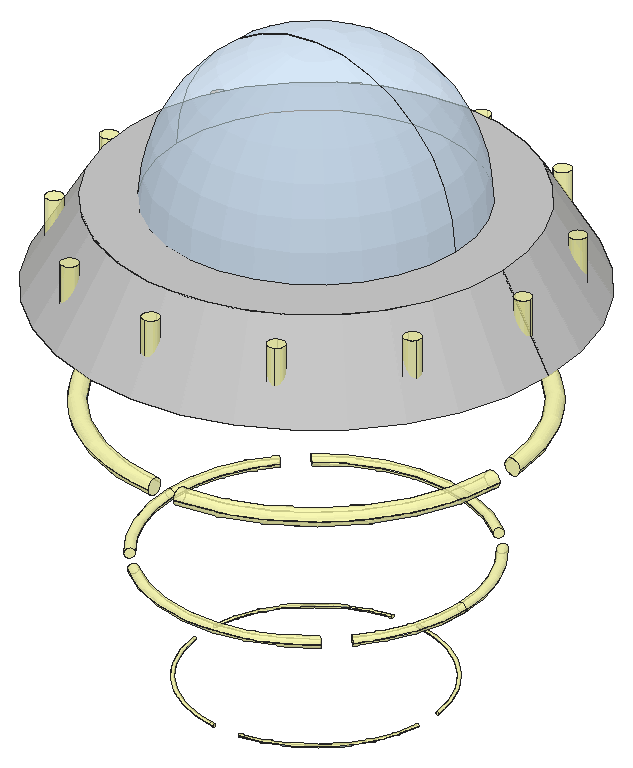
Revit family "UFO_unit2", category Generic Models, Revit 2020
Family settings
  Can host rebar = No
  Round Connector Dimension = Use Diameter
  Part Type = Normal
  Work Plane-Based = Yes
  Always vertical = No
  Cut with Voids When Loaded = No
  Shared = No
  Room Calculation Point = No
Parameters
  show_beam [instance] = yes
  Default Elevation = 0 mm
Reference planes
  plane 1 "Center (Front/Back)": y = 0
  plane 2: z = 0
  plane 3 "Center (Left/Right)": x = 0
Forms (mm)
  Blend 1, solid
    base sketch origin (0, 0, 0) x (1, 0, 0) y (0, 1, 0)
      loop
        circle (0, 0) r 1500
    top sketch origin (0, 0, 0) x (1, 0, 0) y (0, 1, 0)
      loop
        circle (0, 0) r 1200
    from 0 to 500
  Revolve 2, solid
    sketch origin (0, 0, 0) x (1, 0, 0) y (0, 0, 1)
      loop
        arc (900, 500) -> (636.396, 1136.396) -> (0, 1400) r 900
        line (0, 1400) -> (0, 500) -> (900, 500)
      axis (0, 1400) -> (0, 500)
    angle from 0 to 360
  Extrusion 3, solid
    sketch origin (-900, 0, 0) x (1, 0, 0) y (0, 1, 0)
      loop
        circle (2234.357, 0) r 50
    from 50 to 400
  Extrusion 4, solid
    sketch origin (-779.423, 450, 0) x (0.866025, -0.5, 0) y (0.5, 0.866025, 0)
      loop
        circle (2234.357, 0) r 50
    from 50 to 400
  Extrusion 5, solid
    sketch origin (-779.423, -450, 0) x (0.866025, 0.5, 0) y (-0.5, 0.866025, 0)
      loop
        circle (2234.357, 0) r 50
    from 50 to 400
  Extrusion 6, solid
    sketch origin (-450, -779.423, 0) x (0.5, 0.866025, 0) y (-0.866025, 0.5, 0)
      loop
        circle (2234.357, 0) r 50
    from 50 to 400
  Extrusion 7, solid
    sketch origin (0, -900, 0) x (0, 1, 0) y (-1, 0, 0)
      loop
        circle (2234.357, 0) r 50
    from 50 to 400
  Extrusion 8, solid
    sketch origin (450, -779.423, 0) x (-0.5, 0.866025, 0) y (-0.866025, -0.5, 0)
      loop
        circle (2234.357, 0) r 50
    from 50 to 400
  Extrusion 9, solid
    sketch origin (779.423, -450, 0) x (-0.866025, 0.5, 0) y (-0.5, -0.866025, 0)
      loop
        circle (2234.357, 0) r 50
    from 50 to 400
  Extrusion 10, solid
    sketch origin (900, 0, 0) x (-1, 0, 0) y (0, -1, 0)
      loop
        circle (2234.357, 0) r 50
    from 50 to 400
  Extrusion 11, solid
    sketch origin (779.423, 450, 0) x (-0.866025, -0.5, 0) y (0.5, -0.866025, 0)
      loop
        circle (2234.357, 0) r 50
    from 50 to 400
  Extrusion 12, solid
    sketch origin (450, 779.423, 0) x (-0.5, -0.866025, 0) y (0.866025, -0.5, 0)
      loop
        circle (2234.357, 0) r 50
    from 50 to 400
  Extrusion 13, solid
    sketch origin (0, 900, 0) x (0, -1, 0) y (1, 0, 0)
      loop
        circle (2234.357, 0) r 50
    from 50 to 400
  Extrusion 14, solid
    sketch origin (-450, 779.423, 0) x (0.5, -0.866025, 0) y (0.866025, 0.5, 0)
      loop
        circle (2234.357, 0) r 50
    from 50 to 400
Lines and regions (mm)
  reference lines
    curve 1: circle (0, 0, 0) r 500 normal (0, 0, 1)
Dimensions and locks
  aligned and locked: plane 2 to level
  aligned and locked: plane 1 "Center (Front/Back)" to nested 1
  aligned and locked: plane 3 "Center (Left/Right)" to nested 1
Nested families
  nested 1: "UFO_beam" at (0, 0, 0), visible <- "show_beam", type "UFO_beam"
    with show_beam yes
Definition of nested family "UFO_beam"
  Parameters (values of type "UFO_beam")
    show_beam [instance] = yes
    Default Elevation = 0 mm
  Reference planes
    plane 1 "Center (Front/Back)": y = 0
    plane 2: z = 0
    plane 3 "Center (Left/Right)": x = 0
  Forms (mm)
    Sweep 1, solid, visible <- "show_beam"
      path in 3D
        loop
          arc (-500, 0, 0) -> (0, -500, 0) -> (500, 0, 0) r 500
          arc (500, 0, 0) -> (0, 500, 0) -> (-500, 0, 0) r 500
      profile "profile : DD" origin (0, 500, 0) x (0, -1, 0) y (0, 0, 1)
        loop
          circle (-223.674, -2260.831) r 10
        loop
          circle (-439.289, -1539.443) r 30
        loop
          circle (-704.924, -667.735) r 50
    Extrusion 2, void
      sketch origin (0, 0, 0) x (1, 0, 0) y (0, 1, 0)
        loop
          line (-3806.428, 80) -> (-3806.428, -80) -> (-80, -80) -> (-80, -3806.428) -> (80, -3806.428) -> (80, -80) -> (4573.572, -80) -> (4573.572, 80) -> (80, 80) -> (80, 4573.572) -> (-80, 4573.572) -> (-80, 80) -> (-3806.428, 80)
      from -1241.889 to -175.378
    Extrusion 3, void
      sketch origin (0, 0, 0) x (1, 0, 0) y (0, 1, 0)
        loop
          line (-3806.428, 80) -> (-3806.428, -80) -> (-80, -80) -> (-80, -3806.428) -> (80, -3806.428) -> (80, -80) -> (4573.572, -80) -> (4573.572, 80) -> (80, 80) -> (80, 4573.572) -> (-80, 4573.572) -> (-80, 80) -> (-3806.428, 80)
      from -3613.173 to -1945.284
    Extrusion 4, void
      sketch origin (0, 0, 0) x (0.707107, -0.707107, 0) y (0.707107, 0.707107, 0)
        loop
          line (-3806.428, 80) -> (-3806.428, -80) -> (-80, -80) -> (-80, -3806.428) -> (80, -3806.428) -> (80, -80) -> (4573.572, -80) -> (4573.572, 80) -> (80, 80) -> (80, 4573.572) -> (-80, 4573.572) -> (-80, 80) -> (-3806.428, 80)
      from -1755.291 to -1457.626
  Cuts and joins
    Extrusion 2, Extrusion 3, Extrusion 4 cuts Sweep 1
  Lines and regions (mm)
    reference lines
      curve 1: circle (0, 0, 0) r 500 normal (0, 0, 1)
    sketch lines
      curve 2: circle (0, 0, 0) r 500 normal (0, 0, 1)
  Dimensions and locks
    aligned and locked: plane 2 to level
